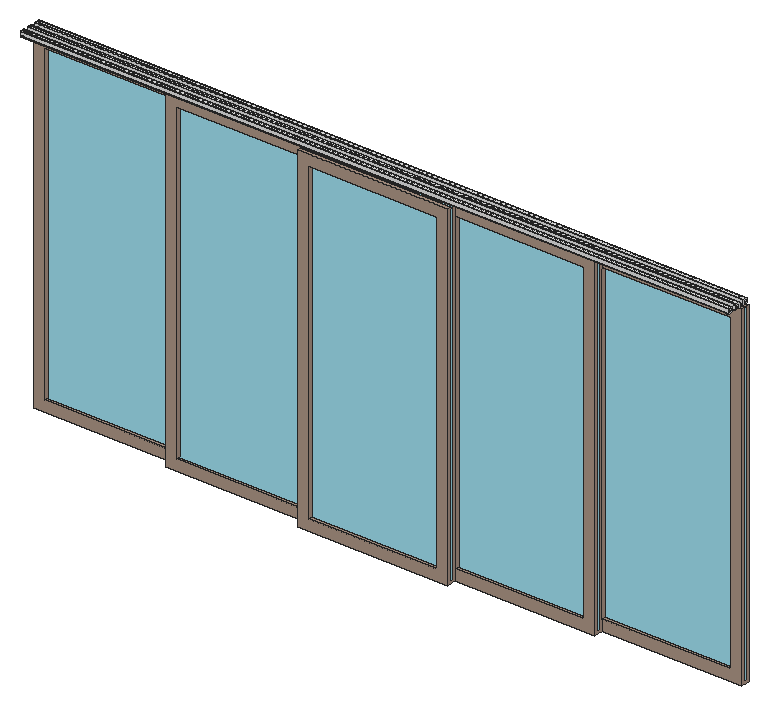
Revit family "Slido 5S Panel Slide SW5S XRDLP", category Doors, host Wall, Revit 2016
Family settings
  Host = Wall
  Always vertical = Yes
  Cut with Voids When Loaded = No
  Shared = No
  Room Calculation Point = No
Parameters (values of type "193"x 94 3/4"")
  URL = "www.raydoor.com"
  Type Image = SW5S.jpg
  Thickness = 2 1/4"  # constant formula
  Rough Width = 1"  # constant formula
  Rough Height = 0"  # constant formula
  Model = "SW5S"
  Function = Interior
  Door Material = Door - Panel
  Panel Material = Glass, Cast, Gray
  Height = 94 3/4"
  Trim Projection Ext = 63/64"  # constant formula
  Typ = 3"  # constant formula
  Wall Closure = By host
  Width = 193"
  Assembly Code = "SW5S XRDLP"
Reference planes (in)
  plane 1: y = 0
  plane 2: z = 0
  plane 3: x = -1.5
  plane 4: x = -98
  plane 5: x = 95
  plane 6: z = 94.75
  plane 7: x = 55.5
  plane 8: x = 93.5
  plane 9: z = 92.75
  plane 10: x = 17.5
  plane 11: x = -22
  plane 12: x = -20.5
  plane 13: x = -19
  plane 14: x = -96.5
  plane 15: x = -95
  plane 16: x = 16
  plane 17: x = 17.5
  plane 18: x = 19
  plane 19: x = 92
  plane 20: x = 93.5
  plane 21: x = -60
  plane 22: x = -58.5
  plane 23: x = -57
  plane 24: x = 54
  plane 25: x = 55.5
  plane 26: x = 57
Forms (in)
  Extrusion 1, solid, material "Door - Panel" <- "Door Material"
    sketch origin (-95, -7.75, 0.25) x (1, 0, 0) y (0, 0, 1)
      loop
        line (111, 92.5) -> (111, 0.5) -> (152, 0.5) -> (152, 92.5) -> (111, 92.5)
      loop
        line (114, 89.5) -> (114, 3.5) -> (149, 3.5) -> (149, 89.5) -> (114, 89.5)
    from -8.875 to -6.625
  Extrusion 2, solid, material "Glass, Cast, Gray" <- "Panel Material"
    sketch origin (-58, -13.51431, 0.25) x (1, 0, 0) y (0, 0, 1)
      loop
        line (74, 92.5) -> (74, 1.375) -> (115, 1.375) -> (115, 92.5) -> (74, 92.5)
    from -13.62452 to -13.37616
  Extrusion 3, solid, material "Door - Panel" <- "Door Material"
    sketch origin (-133.5, -5.62336, 0.25) x (1, 0, 0) y (0, 0, 1)
      loop
        line (111.5, 92.5) -> (111.5, 0.5) -> (152.5, 0.5) -> (152.5, 92.5) -> (111.5, 92.5)
      loop
        line (114.5, 89.5) -> (114.5, 3.5) -> (149.5, 3.5) -> (149.5, 89.5) -> (114.5, 89.5)
    from -4.23602 to -1.98602
  Extrusion 4, solid, material "Glass, Cast, Gray" <- "Panel Material"
    sketch origin (-97, -16.00826, 0.25) x (1, 0, 0) y (0, 0, 1)
      loop
        line (75, 92.5) -> (75, 1.375) -> (116, 1.375) -> (116, 92.5) -> (75, 92.5)
    from -13.61928 to -13.37092
  Extrusion 5, solid, material "Door - Panel" <- "Door Material"
    sketch origin (-57, -1.59375, 0.25) x (1, 0, 0) y (0, 0, 1)
      loop
        line (111, 92.5) -> (111, 0.5) -> (152, 0.5) -> (152, 92.5) -> (111, 92.5)
      loop
        line (114, 89.5) -> (114, 3.5) -> (149, 3.5) -> (149, 89.5) -> (114, 89.5)
    from -5.23602 to -2.98602
  Extrusion 6, solid, material "Glass, Cast, Gray" <- "Panel Material"
    sketch origin (-20, -11.04925, 0.25) x (1, 0, 0) y (0, 0, 1)
      loop
        line (74, 92.5) -> (74, 1.375) -> (115, 1.375) -> (115, 92.5) -> (74, 92.5)
    from -13.69152 to -13.44316
  Extrusion 7, solid, material "UHMW, White"
    sketch origin (0, 41.42102, -8.8393) x (0, 1, 0) y (0, 0, 1)
      loop
        line (-40.90927, 103.5893) -> (-41.93277, 103.5893) -> (-41.93277, 103.50788)
        arc (-41.93277, 103.50788) -> (-41.93277, 103.43259) -> (-41.99798, 103.47023) r 0.04347
        line (-41.99798, 103.47023) -> (-42.03755, 103.47023) -> (-42.03755, 102.31546)
        arc (-42.03755, 102.31546) -> (-42.02627, 102.28823) -> (-41.99904, 102.27695) r 0.03851
        arc (-41.99904, 102.27695) -> (-41.95713, 102.29782) -> (-41.91529, 102.2768) r 0.05233
        line (-41.91529, 102.2768) -> (-41.7174, 102.2768) -> (-41.7174, 102.35673) -> (-41.93475, 102.37574) -> (-41.96636, 102.49373) -> (-41.96636, 103.35416) -> (-41.832, 103.36591) -> (-41.832, 103.49555) -> (-41.65813, 103.49555) -> (-41.65813, 103.39872) -> (-41.59885, 103.39872) -> (-41.59885, 103.49555) -> (-41.24319, 103.49555) -> (-41.24319, 103.39872) -> (-41.18392, 103.39872) -> (-41.18392, 103.49555) -> (-41.01004, 103.49555) -> (-41.01004, 103.36591) -> (-40.87568, 103.35416) -> (-40.87568, 102.49373) -> (-40.90729, 102.37574) -> (-41.12464, 102.35673) -> (-41.12464, 102.27673) -> (-40.92672, 102.27673)
        arc (-40.92672, 102.27673) -> (-40.88484, 102.29771) -> (-40.84295, 102.27673) r 0.0523
        arc (-40.84295, 102.27673) -> (-40.8158, 102.28798) -> (-40.80455, 102.31514) r 0.0384
        line (-40.80455, 102.31514) -> (-40.80455, 103.47023) -> (-40.84407, 103.47023)
        arc (-40.84407, 103.47023) -> (-40.90927, 103.43259) -> (-40.90927, 103.50788) r 0.04347
        line (-40.90927, 103.50788) -> (-40.90927, 103.5893)
    from -98 to 95
  Extrusion 8, solid, material "UHMW, White"
    sketch origin (-41.44048, 0.40931, 94.375) x (0, -1, 0) y (1, 0, 0)
      loop
        circle (0.40931, 96.94048) r 0.125
    from -1.625 to 0.375
  Extrusion 9, solid, material "UHMW, White"
    sketch origin (-79.44047, 3.13354, 94.375) x (0, -1, 0) y (1, 0, 0)
      loop
        circle (0.59681, 172.94047) r 0.125
    from -1.625 to 0.375
  Extrusion 10, solid, material "UHMW, White"
    sketch origin (-41.44048, -2.33987, 94.375) x (0, -1, 0) y (1, 0, 0)
      loop
        circle (0.15931, 58.94048) r 0.125
    from -1.625 to 0.375
  Extrusion 11, void
    sketch origin (-97, -16.00826, -91) x (1, 0, 0) y (0, 0, 1)
      loop
        line (75, 92.625) -> (75, 91.75) -> (116, 91.75) -> (116, 92.625) -> (75, 92.625)
    from -13.61928 to -13.37092
  Extrusion 12, void
    sketch origin (-97, -13.48248, -91) x (1, 0, 0) y (0, 0, 1)
      loop
        line (113, 92.625) -> (113, 91.75) -> (154, 91.75) -> (154, 92.625) -> (113, 92.625)
    from -13.59269 to -13.34433
  Extrusion 13, void
    sketch origin (-97, -11.10201, -91) x (1, 0, 0) y (0, 0, 1)
      loop
        line (151, 92.625) -> (151, 91.75) -> (192, 91.75) -> (192, 92.625) -> (151, 92.625)
    from -13.74428 to -13.49592
  Extrusion 14, solid, material "UHMW, White"
    sketch origin (0, 43.95775, -8.8393) x (0, 1, 0) y (0, 0, 1)
      loop
        line (-40.90927, 103.5893) -> (-41.93277, 103.5893) -> (-41.93277, 103.50788)
        arc (-41.93277, 103.50788) -> (-41.93277, 103.43259) -> (-41.99798, 103.47023) r 0.04347
        line (-41.99798, 103.47023) -> (-42.03755, 103.47023) -> (-42.03755, 102.31546)
        arc (-42.03755, 102.31546) -> (-42.02627, 102.28823) -> (-41.99904, 102.27695) r 0.03851
        arc (-41.99904, 102.27695) -> (-41.95713, 102.29782) -> (-41.91529, 102.2768) r 0.05233
        line (-41.91529, 102.2768) -> (-41.7174, 102.2768) -> (-41.7174, 102.35673) -> (-41.93475, 102.37574) -> (-41.96636, 102.49373) -> (-41.96636, 103.35416) -> (-41.832, 103.36591) -> (-41.832, 103.49555) -> (-41.65813, 103.49555) -> (-41.65813, 103.39872) -> (-41.59885, 103.39872) -> (-41.59885, 103.49555) -> (-41.24319, 103.49555) -> (-41.24319, 103.39872) -> (-41.18392, 103.39872) -> (-41.18392, 103.49555) -> (-41.01004, 103.49555) -> (-41.01004, 103.36591) -> (-40.87568, 103.35416) -> (-40.87568, 102.49373) -> (-40.90729, 102.37574) -> (-41.12464, 102.35673) -> (-41.12464, 102.27673) -> (-40.92672, 102.27673)
        arc (-40.92672, 102.27673) -> (-40.88484, 102.29771) -> (-40.84295, 102.27673) r 0.0523
        arc (-40.84295, 102.27673) -> (-40.8158, 102.28798) -> (-40.80455, 102.31514) r 0.0384
        line (-40.80455, 102.31514) -> (-40.80455, 103.47023) -> (-40.84407, 103.47023)
        arc (-40.84407, 103.47023) -> (-40.90927, 103.43259) -> (-40.90927, 103.50788) r 0.04347
        line (-40.90927, 103.50788) -> (-40.90927, 103.5893)
    from -98 to 95
  Extrusion 15, solid, material "UHMW, White"
    sketch origin (-79.44047, 5.65081, 94.375) x (0, -1, 0) y (1, 0, 0)
      loop
        circle (5.65081, 58.94047) r 0.125
    from -1.625 to 0.375
  Extrusion 16, solid, material "UHMW, White"
    sketch origin (0, 38.90868, -8.8393) x (0, 1, 0) y (0, 0, 1)
      loop
        line (-40.89611, 103.5893) -> (-41.91962, 103.5893) -> (-41.91962, 103.50788)
        arc (-41.91962, 103.50788) -> (-41.91962, 103.43259) -> (-41.98482, 103.47023) r 0.04347
        line (-41.98482, 103.47023) -> (-42.02439, 103.47023) -> (-42.02439, 102.31546)
        arc (-42.02439, 102.31546) -> (-42.01311, 102.28823) -> (-41.98588, 102.27695) r 0.03851
        arc (-41.98588, 102.27695) -> (-41.94397, 102.29782) -> (-41.90213, 102.2768) r 0.05233
        line (-41.90213, 102.2768) -> (-41.70425, 102.2768) -> (-41.70425, 102.35673) -> (-41.92159, 102.37574) -> (-41.95321, 102.49373) -> (-41.95321, 103.35416) -> (-41.81885, 103.36591) -> (-41.81885, 103.49555) -> (-41.64497, 103.49555) -> (-41.64497, 103.39872) -> (-41.58569, 103.39872) -> (-41.58569, 103.49555) -> (-41.23004, 103.49555) -> (-41.23004, 103.39872) -> (-41.17076, 103.39872) -> (-41.17076, 103.49555) -> (-40.99688, 103.49555) -> (-40.99688, 103.36591) -> (-40.86252, 103.35416) -> (-40.86252, 102.49373) -> (-40.89414, 102.37574) -> (-41.11148, 102.35673) -> (-41.11148, 102.27673) -> (-40.91357, 102.27673)
        arc (-40.91357, 102.27673) -> (-40.87168, 102.29771) -> (-40.82979, 102.27673) r 0.0523
        arc (-40.82979, 102.27673) -> (-40.80264, 102.28798) -> (-40.79139, 102.31514) r 0.0384
        line (-40.79139, 102.31514) -> (-40.79139, 103.47023) -> (-40.83091, 103.47023)
        arc (-40.83091, 103.47023) -> (-40.89611, 103.43259) -> (-40.89611, 103.50788) r 0.04347
        line (-40.89611, 103.50788) -> (-40.89611, 103.5893)
    from -98 to 95
  Extrusion 17, solid, material "UHMW, White", not visible
    sketch origin (0, 46.47502, -8.8393) x (0, 1, 0) y (0, 0, 1)
      loop
        line (-40.98352, 103.19868) -> (-41.01171, 103.3393) -> (-41.83033, 103.3393) -> (-41.85852, 103.19868)
        arc (-41.85852, 103.19868) -> (-41.80383, 103.14399) -> (-41.85852, 103.0893) r 0.05469
        line (-41.85852, 103.0893) -> (-41.98352, 103.0893)
        arc (-41.98352, 103.0893) -> (-42.00562, 103.08015) -> (-42.01477, 103.05805) r 0.03125
        line (-42.01477, 103.05805) -> (-42.01477, 102.01916)
        arc (-42.01477, 102.01916) -> (-42.00846, 102.00031) -> (-41.99207, 101.98907) r 0.0313
        line (-41.99207, 101.98907) -> (-41.79602, 101.93305) -> (-41.69446, 101.93305)
        arc (-41.69446, 101.93305) -> (-41.67628, 101.9417) -> (-41.67151, 101.96126) r 0.02344
        arc (-41.67151, 101.96126) -> (-41.67368, 101.97686) -> (-41.68523, 101.98757) r 0.02344
        line (-41.68523, 101.98757) -> (-41.93665, 102.0594) -> (-41.93665, 102.13127) -> (-41.95227, 102.19377) -> (-41.95227, 102.99555) -> (-41.80383, 103.006) -> (-41.71195, 103.24555) -> (-41.1301, 103.24555) -> (-41.03821, 103.006) -> (-40.88977, 102.99555) -> (-40.88977, 102.19377) -> (-40.9054, 102.13127) -> (-40.9054, 102.0594) -> (-41.15682, 101.98757)
        arc (-41.15682, 101.98757) -> (-41.16837, 101.97686) -> (-41.17053, 101.96126) r 0.02344
        arc (-41.17053, 101.96126) -> (-41.16576, 101.9417) -> (-41.14758, 101.93305) r 0.02344
        line (-41.14758, 101.93305) -> (-41.04602, 101.93305) -> (-40.84997, 101.98907)
        arc (-40.84997, 101.98907) -> (-40.83358, 102.00031) -> (-40.82727, 102.01916) r 0.0313
        line (-40.82727, 102.01916) -> (-40.82727, 103.05805)
        arc (-40.82727, 103.05805) -> (-40.83642, 103.08015) -> (-40.85852, 103.0893) r 0.03125
        line (-40.85852, 103.0893) -> (-40.98352, 103.0893)
        arc (-40.98352, 103.0893) -> (-41.03821, 103.14399) -> (-40.98352, 103.19868) r 0.05469
    from -96.5 to 96.5
  Extrusion 18, solid, material "UHMW, White"
    sketch origin (76.44047, 3.13354, 94.375) x (0, -1, 0) y (1, 0, 0)
      loop
        circle (0.59681, -134.94047) r 0.125
    from -1.625 to 0.375
  Extrusion 19, solid, material "Door - Panel" <- "Door Material"
    sketch origin (-215.33333, -1.59375, 0.25) x (1, 0, 0) y (0, 0, 1)
      loop
        line (117.33333, 92.5) -> (117.33333, 0.5) -> (158.33333, 0.5) -> (158.33333, 92.5) -> (117.33333, 92.5)
      loop
        line (120.33333, 89.5) -> (120.33333, 3.5) -> (155.33333, 3.5) -> (155.33333, 89.5) -> (120.33333, 89.5)
    from -5.23602 to -2.98602
  Extrusion 20, solid, material "Glass, Cast, Gray" <- "Panel Material"
    sketch origin (-178.33333, -11.04925, 0.25) x (1, 0, 0) y (0, 0, 1)
      loop
        line (80.33333, 92.5) -> (80.33333, 1.375) -> (121.33333, 1.375) -> (121.33333, 92.5) -> (80.33333, 92.5)
    from -13.69152 to -13.44316
  Extrusion 21, void
    sketch origin (-255.33333, -11.10201, -91) x (1, 0, 0) y (0, 0, 1)
      loop
        line (157.33333, 92.625) -> (157.33333, 91.75) -> (198.33333, 91.75) -> (198.33333, 92.625) -> (157.33333, 92.625)
    from -13.74428 to -13.49592
  Extrusion 22, solid, material "Door - Panel" <- "Door Material"
    sketch origin (-191, -7.75, 0.25) x (1, 0, 0) y (0, 0, 1)
      loop
        line (131, 92.5) -> (131, 0.5) -> (172, 0.5) -> (172, 92.5) -> (131, 92.5)
      loop
        line (134, 89.5) -> (134, 3.5) -> (169, 3.5) -> (169, 89.5) -> (134, 89.5)
    from -8.875 to -6.625
  Extrusion 23, solid, material "Glass, Cast, Gray" <- "Panel Material"
    sketch origin (-154, -13.51431, 0.25) x (1, 0, 0) y (0, 0, 1)
      loop
        line (94, 92.5) -> (94, 1.375) -> (135, 1.375) -> (135, 92.5) -> (94, 92.5)
    from -13.62452 to -13.37616
  Extrusion 24, void
    sketch origin (-193, -13.48248, -91) x (1, 0, 0) y (0, 0, 1)
      loop
        line (133, 92.625) -> (133, 91.75) -> (174, 91.75) -> (174, 92.625) -> (133, 92.625)
    from -13.59269 to -13.34433
Cuts and joins
  Extrusion 11 cuts Extrusion 3
  Extrusion 12, Extrusion 24 cuts Extrusion 1
  Extrusion 13, Extrusion 21 cuts Extrusion 5
  Extrusion 21 cuts Extrusion 6
  Extrusion 21 cuts Extrusion 19
  Extrusion 21 cuts Extrusion 20
  Extrusion 24 cuts Extrusion 2
  Extrusion 24 cuts Extrusion 22
  Extrusion 24 cuts Extrusion 23
Lines and regions (in)
  Opening 1
    outline origin (-60, -7.75, 144) x (0, 0, -1) y (1, 0, 0)
      loop
        line (49.25, -38) -> (144, -38) -> (144, 155) -> (49.25, 155) -> (49.25, -38)
  Masking region 1
    outline origin (0, 0, 0) x (1, 0, 0) y (0, 1, 0)
      loop
        line (95, -1.125) -> (95, 1.125) -> (54, 1.125) -> (54, -1.125) -> (95, -1.125)
  Masking region 2
    outline origin (0, -2.5, 0) x (1, 0, 0) y (0, 1, 0)
      loop
        line (95, -1.13734) -> (95, 1.11266) -> (54, 1.11266) -> (54, -1.13734) -> (95, -1.13734)
  Masking region 3
    outline origin (0, 2.70109, 0) x (1, 0, 0) y (0, 1, 0)
      loop
        line (95, -1.30882) -> (95, 0.94118) -> (54, 0.94118) -> (54, -1.30882) -> (95, -1.30882)
  Masking region 4
    outline origin (-152.23579, 4.781, 0) x (1, 0, 0) y (0, 1, 0)
      loop
        line (95.23579, -3.38873) -> (95.23579, -1.13873) -> (54.23579, -1.13873) -> (54.23579, -3.38873) -> (95.23579, -3.38873)
  Masking region 5
    outline origin (-152.23579, 1.781, 0) x (1, 0, 0) y (0, 1, 0)
      loop
        line (95.23579, -2.906) -> (95.23579, -0.656) -> (54.23579, -0.656) -> (54.23579, -2.906) -> (95.23579, -2.906)
  model lines
    curve 1: line (-98, 7.75, 0) -> (95, 7.75, 0)
  symbolic lines, style "Elevation Swing"
    curve 2: line (24.08333, 0, 38.12969) -> (48.91667, 0, 38.12969)
    curve 3: line (48.91667, 0, 32.93892) -> (24.08333, 0, 32.93892)
    curve 4: line (24.08333, 0, 38.12969) -> (31.91939, 0, 39.74096)
    curve 5: line (41.08061, 0, 31.32765) -> (48.91667, 0, 32.93892)
    curve 20: line (-51.91667, 0, 38.12969) -> (-27.08333, 0, 38.12969)
    curve 21: line (-27.08333, 0, 32.93892) -> (-51.91667, 0, 32.93892)
    curve 22: line (-51.91667, 0, 38.12969) -> (-44.08061, 0, 39.74096)
    curve 23: line (-34.91939, 0, 31.32765) -> (-27.08333, 0, 32.93892)
  symbolic lines, style "DoorsHiddenLines"
    curve 6: line (93.5, 1.39227, 0) -> (-96.5, 1.39227, 0)
    curve 7: line (93.5, 3.64227, 0) -> (-96.5, 3.64227, 0)
    curve 8: line (93.5, 1.125, 0) -> (-96.5, 1.125, 0)
    curve 9: line (93.5, -1.125, 0) -> (-96.5, -1.125, 0)
    curve 10: line (93.5, -3.63734, 0) -> (-96.5, -3.63734, 0)
    curve 11: line (93.5, -1.38734, 0) -> (-96.5, -1.38734, 0)
  symbolic lines, style "Plan Swing"
    curve 12: line (46.66667, -16.42864, 0) -> (26.33333, -16.42864, 0)
    curve 13: line (26.33333, -16.42864, 0) -> (28.45465, -14.30732, 0)
    curve 14: line (46.66667, -17.94763, 0) -> (26.33333, -17.94763, 0)
    curve 15: line (44.54535, -20.06895, 0) -> (46.66667, -17.94763, 0)
    curve 16: line (-29.33333, -16.42864, 0) -> (-49.66667, -16.42864, 0)
    curve 17: line (-49.66667, -16.42864, 0) -> (-47.54535, -14.30732, 0)
    curve 18: line (-29.33333, -17.94763, 0) -> (-49.66667, -17.94763, 0)
    curve 19: line (-31.45465, -20.06895, 0) -> (-29.33333, -17.94763, 0)
Dimensions and locks (in)
  equal spacing: plane 4, plane 3, plane 5
  "Width": plane 4 to plane 5
  "Height": plane 6 to level
  "Typ": Extrusion 1 sketch curve to Extrusion 1 sketch curve  (x2)
  locked: Extrusion 2 to Extrusion 2 at 0.24836
  locked: Extrusion 2 to Extrusion 1 at 0.98684
  locked: Extrusion 1 to Extrusion 2 at 1.0148
  Masking region 1 sketch curve to plane 5 = 41"
  "Typ": Extrusion 3 sketch curve to Extrusion 3 sketch curve  (x2)
  locked: Extrusion 4 to Extrusion 4 at 0.24836
  "Thickness": Extrusion 3 to Extrusion 3
  locked: Extrusion 3 to Extrusion 4 at 1.00164
  locked: Extrusion 4 to Extrusion 3 at 1
  "Thickness": Extrusion 1 to Extrusion 1
  "Typ": Extrusion 5 sketch curve to Extrusion 5 sketch curve  (x2)
  locked: Extrusion 6 to Extrusion 6 at 0.24836
  locked: Extrusion 6 to Extrusion 5 at 1.00164
  locked: Extrusion 5 to Extrusion 6 at 1
  "Thickness": Extrusion 5 to Extrusion 5
  locked: plane 7 to Extrusion 8 sketch curve at 0.125
  locked: plane 10 to Extrusion 10 sketch curve at 0.125
  Extrusion 3 to Extrusion 4 sketch curve = 7/8"
  locked: curve 1 to Extrusion 3 sketch curve at 0.75
  locked: cut or joined group of Extrusion 3, Extrusion 11 to Extrusion 2 sketch curve at 0.875
  locked: Extrusion 5 to Extrusion 6 sketch curve at 0.875
  "Typ": plane 11 to plane 13
  equal spacing: plane 11, plane 12, plane 13, locked at 1.5 each
  "Typ": plane 4 to plane 15
  equal spacing: plane 4, plane 14, plane 15, locked at 1.5 each
  equal spacing: plane 14, plane 22, plane 12, plane 17, plane 25, plane 20
  "Typ": plane 16 to plane 18
  equal spacing: plane 16, plane 17, plane 18, locked at 1.5 each
  "Typ": plane 19 to plane 5
  equal spacing: plane 19, plane 20, plane 5, locked at 1.5 each
  equal spacing: cut or joined group of Extrusion 1, Extrusion 12, Extrusion 24, host wall, cut or joined group of Extrusion 1, Extrusion 12, Extrusion 24, locked at 1.125 each
  locked: Extrusion 10 sketch curve to host wall at 2.62418
  locked: host wall to cut or joined group of Extrusion 3, Extrusion 11 at 1.38734
  locked: host wall to Extrusion 9 sketch curve at 2.41172
  "Thickness": Masking region 2 sketch curve to Masking region 2 sketch curve
  locked: curve 9 to Masking region 2 sketch curve at 0.26234
  "Typ": plane 21 to plane 23
  equal spacing: plane 21, plane 22, plane 23, locked at 1.5 each
  "Typ": plane 24 to plane 26
  equal spacing: plane 24, plane 25, plane 26, locked at 1.5 each
  locked: Extrusion 17 sketch curve to Extrusion 17 sketch curve at 0.09375
  locked: Extrusion 8 sketch curve to curve 9 at 1
  locked: plane 11 to Extrusion 15 sketch curve at 1.375
  locked: Extrusion 15 sketch curve to curve 9 at 1
  locked: plane 21 to Extrusion 18 sketch curve at 1.375
  locked: Extrusion 18 sketch curve to curve 6 at 1.01945
  "Typ": Extrusion 19 sketch curve to Extrusion 19 sketch curve  (x2)
  locked: Extrusion 20 to Extrusion 20 at 0.24836
  locked: Extrusion 20 to Extrusion 19 at 1.00164
  locked: Extrusion 19 to Extrusion 20 at 1
  "Thickness": Extrusion 19 to Extrusion 19
  locked: Extrusion 19 to Extrusion 20 sketch curve at 0.875
  "Typ": Extrusion 22 sketch curve to Extrusion 22 sketch curve  (x2)
  locked: Extrusion 23 to Extrusion 23 at 0.24836
  locked: Extrusion 23 to Extrusion 22 at 0.98684
  locked: Extrusion 22 to Extrusion 23 at 1.0148
  "Thickness": Extrusion 22 to Extrusion 22
  locked: cut or joined group of Extrusion 19, Extrusion 21 to cut or joined group of Extrusion 22, Extrusion 24 at 0.26727
  locked: cut or joined group of Extrusion 22, Extrusion 24 to cut or joined group of Extrusion 3, Extrusion 11 at 0.26234
  locked: cut or joined group of Extrusion 3, Extrusion 11 to cut or joined group of Extrusion 1, Extrusion 12, Extrusion 24 at 0.26234
  locked: cut or joined group of Extrusion 1, Extrusion 12, Extrusion 24 to cut or joined group of Extrusion 5, Extrusion 13, Extrusion 21 at 0.26727
  locked: plane 9 to plane 6 at 2
  cut or joined group of Extrusion 3, Extrusion 11 to level = 3/4"
  Extrusion 14 to Extrusion 14 = 1.233"
  Extrusion 7 to Extrusion 7 = 1.233"
  Extrusion 16 to Extrusion 16 = 1.233"
  cut or joined group of Extrusion 19, Extrusion 21 to cut or joined group of Extrusion 19, Extrusion 21 = 2 1/4"
  cut or joined group of Extrusion 22, Extrusion 24 to cut or joined group of Extrusion 22, Extrusion 24 = 2 1/4"
  cut or joined group of Extrusion 3, Extrusion 11 to cut or joined group of Extrusion 3, Extrusion 11 = 2 1/4"
  cut or joined group of Extrusion 19, Extrusion 21 to cut or joined group of Extrusion 3, Extrusion 11 = 7.27961"
  Extrusion 16 to plane 6 = 1 5/16"
  radius of Extrusion 9 sketch curve = 1/8"
  radius of Extrusion 10 sketch curve = 1/8"
  radius of Extrusion 15 sketch curve = 1/8"
  diameter of Extrusion 8 sketch curve = 1/4"
  radius of Extrusion 18 sketch curve = 1/8"
  aligned and locked: Extrusion 1 to Extrusion 2
  aligned and locked: Opening 1 sketch curve to plane 5
  aligned and locked: Opening 1 sketch curve to plane 4
  aligned and locked: Extrusion 3 to Extrusion 4
  aligned and locked: Extrusion 5 to Extrusion 6
  aligned and locked: Extrusion 7 to plane 6
  aligned and locked: plane 4 to Extrusion 7
  aligned and locked: Extrusion 7 to plane 5
  aligned and locked: Extrusion 8 to Extrusion 1
  aligned and locked: Extrusion 9 to Extrusion 5
  aligned and locked: plane 9 to Extrusion 1
  aligned and locked: plane 9 to Extrusion 5
  aligned and locked: Extrusion 11 to Extrusion 4  (x2)
  aligned and locked: Extrusion 4 to Extrusion 11
  aligned and locked: Extrusion 1 to Extrusion 11
  aligned and locked: Extrusion 12 to Extrusion 1
  aligned and locked: Extrusion 13 to Extrusion 5
  aligned and locked: Extrusion 12 to Extrusion 2
  aligned and locked: Extrusion 2 to Extrusion 12
  aligned and locked: Extrusion 13 to Extrusion 6  (x2)
  aligned and locked: Extrusion 6 to Extrusion 13
  aligned and locked: Extrusion 10 to plane 9
  aligned and locked: Extrusion 14 to plane 6
  aligned and locked: Masking region 2 to plane 5
  aligned and locked: Masking region 1 to plane 5
  aligned and locked: Masking region 3 sketch curve to curve 7
  aligned and locked: Masking region 3 to plane 5
  aligned and locked: Masking region 1 to plane 24
  aligned and locked: Masking region 2 to plane 24
  aligned and locked: Extrusion 15 to plane 9
  aligned and locked: plane 9 to cut or joined group of Extrusion 3, Extrusion 11
  aligned and locked: plane 6 to Opening 1 sketch curve
  aligned and locked: Extrusion 9 to plane 6
  aligned and locked: Extrusion 15 to plane 6
  aligned and locked: plane 4 to Extrusion 14
  aligned and locked: plane 4 to Extrusion 16
  aligned and locked: Extrusion 14 to plane 5
  aligned and locked: Extrusion 16 to plane 5
  aligned and locked: Extrusion 8 to plane 6
  aligned and locked: Extrusion 10 to plane 6
  aligned and locked: Extrusion 16 to plane 6
  aligned and locked: Extrusion 5 to Extrusion 13
  aligned and locked: cut or joined group of Extrusion 5, Extrusion 13, Extrusion 21 to plane 5
  aligned and locked: Extrusion 6 to plane 5
  aligned and locked: cut or joined group of Extrusion 5, Extrusion 13, Extrusion 21 to plane 19
  aligned and locked: cut or joined group of Extrusion 5, Extrusion 13, Extrusion 21 to plane 24
  aligned and locked: Extrusion 6 to plane 24
  aligned and locked: Extrusion 13 to Masking region 1
  aligned and locked: plane 26 to Extrusion 2
  aligned and locked: plane 26 to cut or joined group of Extrusion 1, Extrusion 12, Extrusion 24
  aligned and locked: cut or joined group of Extrusion 1, Extrusion 12, Extrusion 24 to plane 24
  aligned and locked: plane 18 to cut or joined group of Extrusion 1, Extrusion 12, Extrusion 24
  aligned and locked: Extrusion 2 to plane 16
  aligned and locked: cut or joined group of Extrusion 1, Extrusion 12, Extrusion 24 to plane 16
  aligned and locked: Extrusion 1 to Extrusion 12  (x2)
  aligned and locked: plane 18 to cut or joined group of Extrusion 3, Extrusion 11
  aligned and locked: Extrusion 3 to Extrusion 11  (x2)
  aligned and locked: cut or joined group of Extrusion 3, Extrusion 11 to plane 16
  aligned and locked: plane 18 to Extrusion 4
  aligned and locked: plane 8 to plane 20
  aligned and locked: plane 7 to plane 25
  aligned and locked: plane 10 to plane 17
  aligned and locked: Extrusion 19 to Extrusion 20
  aligned and locked: Extrusion 21 to Extrusion 19
  aligned and locked: Extrusion 21 to Extrusion 20  (x2)
  aligned and locked: Extrusion 20 to Extrusion 21
  aligned and locked: Extrusion 19 to Extrusion 21
  aligned and locked: plane 26 to cut or joined group of Extrusion 5, Extrusion 13, Extrusion 21
  aligned and locked: host wall to Extrusion 21
  aligned and locked: plane 4 to cut or joined group of Extrusion 20, Extrusion 21
  aligned and locked: plane 23 to cut or joined group of Extrusion 19, Extrusion 21
  aligned and locked: plane 23 to cut or joined group of Extrusion 20, Extrusion 21
  aligned and locked: cut or joined group of Extrusion 19, Extrusion 21 to plane 21
  aligned and locked: plane 4 to cut or joined group of Extrusion 19, Extrusion 21
  aligned and locked: plane 15 to cut or joined group of Extrusion 19, Extrusion 21
  aligned and locked: plane 4 to Masking region 4
  aligned and locked: Masking region 4 to cut or joined group of Extrusion 19, Extrusion 21
  aligned and locked: plane 23 to Masking region 4
  aligned and locked: curve 7 to Masking region 4
  aligned and locked: Extrusion 22 to Extrusion 23
  aligned and locked: Extrusion 24 to Extrusion 22
  aligned and locked: Extrusion 24 to Extrusion 23  (x2)
  aligned and locked: Extrusion 23 to Extrusion 24
  aligned and locked: Extrusion 22 to Extrusion 24  (x2)
  aligned and locked: cut or joined group of Extrusion 22, Extrusion 24 to plane 21
  aligned and locked: cut or joined group of Extrusion 23, Extrusion 24 to plane 21
  aligned and locked: plane 23 to cut or joined group of Extrusion 22, Extrusion 24
  aligned and locked: cut or joined group of Extrusion 22, Extrusion 24 to plane 11
  aligned and locked: plane 13 to cut or joined group of Extrusion 22, Extrusion 24
  aligned and locked: plane 13 to cut or joined group of Extrusion 23, Extrusion 24
  aligned and locked: plane 4 to Masking region 5
  aligned and locked: plane 23 to Masking region 5
  aligned and locked: Masking region 5 to cut or joined group of Extrusion 22, Extrusion 24
  aligned and locked: cut or joined group of Extrusion 22, Extrusion 24 to Masking region 5
  aligned and locked: Extrusion 18 to plane 9
  aligned and locked: Extrusion 18 to plane 6
  aligned and locked: cut or joined group of Extrusion 3, Extrusion 11 to plane 11
  aligned and locked: Extrusion 4 to plane 11
  aligned and locked: plane 13 to cut or joined group of Extrusion 3, Extrusion 11
  aligned and locked: cut or joined group of Extrusion 22, Extrusion 24 to curve 9
  aligned and locked: Masking region 3 to curve 6
  aligned and locked: Masking region 5 sketch curve to curve 8
  aligned and locked: curve 9 to Masking region 5 sketch curve
  aligned and locked: cut or joined group of Extrusion 5, Extrusion 13, Extrusion 21 to curve 6
  aligned and locked: Masking region 3 to plane 24
  aligned and locked: Masking region 1 to curve 8
  aligned and locked: level to plane 2
Automatic sketch dimensions
  Extrusion 17 sketch curve to Extrusion 17 sketch curve = 0.0227"
  Extrusion 17 sketch curve to Extrusion 17 sketch curve = 1/32"  (x4)
  Extrusion 17 sketch curve to Extrusion 17 sketch curve = 1/64"  (x2)
  Extrusion 17 sketch curve to Extrusion 17 sketch curve = 1/8"
  Extrusion 17 sketch curve to Extrusion 17 sketch curve = 0.02819"
  Extrusion 17 sketch curve to Extrusion 17 sketch curve = 7/128"  (x4)
  Extrusion 17 sketch curve to Extrusion 17 sketch curve = 9/64"  (x2)
  Extrusion 17 sketch curve to Extrusion 17 sketch curve = 0.11839"  (x2)
  Extrusion 17 sketch curve to Extrusion 17 sketch curve = 13/128"  (x2)
  Extrusion 17 sketch curve to Extrusion 17 sketch curve = 0"  (x3)
  Extrusion 17 sketch curve to Extrusion 17 sketch curve = 0.00923"  (x2)
  Extrusion 17 sketch curve to Extrusion 17 sketch curve = 0.52841"
  Extrusion 17 sketch curve to Extrusion 17 sketch curve = 0.58185"
  Extrusion 17 sketch curve to Extrusion 17 sketch curve = 0.09189"
  Extrusion 17 sketch curve to Extrusion 17 sketch curve = 0.04683"
  Extrusion 17 sketch curve to Extrusion 17 sketch curve = 0.0086"
  Extrusion 17 sketch curve to Extrusion 17 sketch curve = 3/128"  (x2)
  Extrusion 17 sketch curve to Extrusion 17 sketch curve = 0.00953"  (x2)
  Extrusion 17 sketch curve to Extrusion 17 sketch curve = 0.04024"  (x2)
  Extrusion 17 sketch curve to Extrusion 17 sketch curve = 1/16"  (x4)
  Extrusion 17 sketch curve to Extrusion 17 sketch curve = 0.01044"  (x2)
  Extrusion 17 sketch curve to Extrusion 17 sketch curve = 0.0313"
  Extrusion 17 sketch curve to Extrusion 17 sketch curve = 0.02154"  (x2)
  Extrusion 17 sketch curve to Extrusion 17 sketch curve = 0.05601"  (x2)
  Extrusion 17 sketch curve to Extrusion 17 sketch curve = 0.07187"  (x2)
  Extrusion 17 sketch curve to Extrusion 17 sketch curve = 0.80178"  (x2)
  Extrusion 17 sketch curve to Extrusion 17 sketch curve = 3/64"
  plane 23 to curve 22 = 5.08333"
  level to curve 22 = 38.12969"
  plane 18 to curve 4 = 5.08333"
  level to curve 4 = 38.12969"
  curve 23 to plane 11 = 5.08333"
  curve 20 to curve 23 = 5.19077"
  curve 2 to curve 3 = 5.19077"
  curve 3 to plane 24 = 5.08333"
  plane 18 to curve 4 = 12.91939"
  curve 4 to curve 2 = 1.61127"
  plane 23 to curve 22 = 12.91939"
  curve 22 to curve 20 = 1.61127"
  curve 23 to plane 11 = 12.91939"
  curve 21 to curve 23 = 1.61127"
  curve 5 to plane 24 = 12.91939"
  curve 3 to curve 5 = 1.61127"
  plane 23 to curve 21 = 5.08333"
  curve 20 to plane 11 = 5.08333"
  plane 18 to curve 3 = 5.08333"
  curve 2 to plane 24 = 5.08333"
  Opening 1 sketch curve to level = 0"
  curve 8 to plane 14 = 0"
  curve 6 to plane 14 = 0"
  curve 11 to plane 14 = 0"
  curve 7 to plane 14 = 0"
  curve 9 to plane 14 = 0"
  curve 10 to plane 14 = 0"
  curve 11 to plane 20 = 0"
  curve 10 to plane 20 = 0"
  curve 9 to plane 20 = 0"
  curve 8 to plane 20 = 0"
  curve 7 to plane 20 = 0"
  curve 6 to plane 20 = 0"
  plane 23 to curve 17 = 7.33333"
  curve 18 to plane 11 = 7.33333"
  plane 18 to curve 13 = 7.33333"
  curve 15 to plane 24 = 7.33333"
  host wall to curve 12 = 8.67864"
  host wall to curve 16 = 8.67864"
  curve 15 to curve 12 = 1.51898"
  curve 19 to curve 16 = 1.51898"
  curve 18 to curve 16 = 0"
  curve 16 to curve 17 = 2.12132"  (x2)
  curve 19 to curve 18 = 2.12132"  (x2)
  curve 16 to curve 18 = 0"
  curve 14 to curve 12 = 0"
  curve 12 to curve 13 = 2.12132"  (x2)
  curve 15 to curve 14 = 2.12132"  (x2)
  curve 12 to curve 14 = 0"
  curve 11 to curve 9 = 0.26234"
  curve 10 to curve 11 = 2 1/4"
  Extrusion 2 sketch curve to plane 16 = 0"
  Extrusion 2 sketch curve to plane 26 = 0"
  Extrusion 2 sketch curve to plane 9 = 0"
  curve 1 to level = 0"
  plane 5 to curve 1 = 0"
  plane 4 to curve 1 = 0"
  Masking region 1 sketch curve to plane 5 = 0"
  host wall to Masking region 1 sketch curve = 1 1/8"
  Masking region 1 sketch curve to host wall = 1 1/8"
  Extrusion 4 sketch curve to plane 11 = 0"
  Extrusion 4 sketch curve to plane 18 = 0"
  Extrusion 4 sketch curve to plane 9 = 0"
  Masking region 2 sketch curve to plane 24 = 0"
  Masking region 2 sketch curve to plane 5 = 0"
  Masking region 3 sketch curve to plane 24 = 0"
  Masking region 3 sketch curve to plane 5 = 0"
  Masking region 3 sketch curve to host wall = 1.39227"
  Extrusion 6 sketch curve to plane 24 = 0"
  plane 5 to Extrusion 6 sketch curve = 0"
  Extrusion 6 sketch curve to plane 9 = 0"
  plane 6 to Extrusion 7 sketch curve = 0"
  host wall to Extrusion 7 sketch curve = 0.61653"
  Extrusion 7 sketch curve to Extrusion 7 sketch curve = 0.03851"
  Extrusion 7 sketch curve to Extrusion 7 sketch curve = 0.03957"
  Extrusion 7 sketch curve to Extrusion 7 sketch curve = 0.03161"
  Extrusion 7 sketch curve to Extrusion 7 sketch curve = 0.04182"
  Extrusion 7 sketch curve to Extrusion 7 sketch curve = 0.04347"  (x2)
  Extrusion 7 sketch curve to Extrusion 7 sketch curve = 0.06429"
  Extrusion 7 sketch curve to Extrusion 7 sketch curve = 0.02173"  (x2)
  Extrusion 7 sketch curve to Extrusion 7 sketch curve = 0.04193"
  Extrusion 7 sketch curve to Extrusion 7 sketch curve = 0.10077"  (x2)
  Extrusion 7 sketch curve to Extrusion 7 sketch curve = 0.19789"
  Extrusion 7 sketch curve to Extrusion 7 sketch curve = 0.17388"  (x2)
  Extrusion 7 sketch curve to Extrusion 7 sketch curve = 0.05928"  (x2)
  Extrusion 7 sketch curve to host wall = 0.17783"
  Extrusion 7 sketch curve to host wall = 0.29638"
  Extrusion 7 sketch curve to Extrusion 7 sketch curve = 0.19792"
  Extrusion 7 sketch curve to Extrusion 7 sketch curve = 0.01943"
  Extrusion 7 sketch curve to Extrusion 7 sketch curve = 0.04189"  (x2)
  Extrusion 7 sketch curve to Extrusion 7 sketch curve = 0.01186"
  Extrusion 7 sketch curve to Extrusion 7 sketch curve = 0.0384"
  Extrusion 7 sketch curve to Extrusion 7 sketch curve = 0.08143"  (x2)
  plane 6 to Extrusion 7 sketch curve = 3/32"  (x2)
  Extrusion 7 sketch curve to Extrusion 7 sketch curve = 0"
  Extrusion 7 sketch curve to Extrusion 7 sketch curve = 0.09683"  (x2)
  Extrusion 7 sketch curve to Extrusion 7 sketch curve = 0.12964"  (x2)
  Extrusion 7 sketch curve to Extrusion 7 sketch curve = 0.11608"  (x2)
  Extrusion 7 sketch curve to Extrusion 7 sketch curve = 0.86043"  (x2)
  Extrusion 7 sketch curve to Extrusion 7 sketch curve = 0.11799"  (x2)
  Extrusion 7 sketch curve to Extrusion 7 sketch curve = 0.01902"  (x2)
  Extrusion 7 sketch curve to Extrusion 7 sketch curve = 0.06029"
  Extrusion 7 sketch curve to Extrusion 7 sketch curve = 0.06061"
  Extrusion 7 sketch curve to Extrusion 7 sketch curve = 0.07992"
  Extrusion 7 sketch curve to Extrusion 7 sketch curve = 0.03133"
  Extrusion 9 sketch curve to plane 8 = 0"
  Extrusion 11 sketch curve to plane 11 = 0"
  Extrusion 11 sketch curve to plane 18 = 0"
  level to Extrusion 11 sketch curve = 3/4"
  Extrusion 11 sketch curve to Extrusion 11 sketch curve = 7/8"
  Extrusion 12 sketch curve to plane 16 = 0"
  Extrusion 12 sketch curve to plane 26 = 0"
  level to Extrusion 12 sketch curve = 3/4"
  Extrusion 12 sketch curve to Extrusion 12 sketch curve = 7/8"
  Extrusion 13 sketch curve to plane 24 = 0"
  plane 5 to Extrusion 13 sketch curve = 0"
  level to Extrusion 13 sketch curve = 3/4"
  Extrusion 13 sketch curve to Extrusion 13 sketch curve = 7/8"
  plane 6 to Extrusion 14 sketch curve = 0"
  plane 9 to Extrusion 14 sketch curve = 0.72615"
  Extrusion 14 sketch curve to host wall = 1.9202"
  Extrusion 14 sketch curve to Extrusion 14 sketch curve = 0.03851"
  Extrusion 14 sketch curve to Extrusion 14 sketch curve = 0.03957"
  Extrusion 14 sketch curve to Extrusion 14 sketch curve = 0.03161"
  Extrusion 14 sketch curve to Extrusion 14 sketch curve = 0.04182"
  Extrusion 14 sketch curve to Extrusion 14 sketch curve = 0.04347"  (x2)
  plane 9 to Extrusion 14 sketch curve = 0.78644"  (x2)
  Extrusion 14 sketch curve to Extrusion 14 sketch curve = 0.06429"
  Extrusion 14 sketch curve to Extrusion 14 sketch curve = 0.02173"  (x2)
  Extrusion 14 sketch curve to Extrusion 14 sketch curve = 0.04193"
  Extrusion 14 sketch curve to Extrusion 14 sketch curve = 0.10077"  (x2)
  Extrusion 14 sketch curve to Extrusion 14 sketch curve = 0.19789"
  Extrusion 14 sketch curve to Extrusion 14 sketch curve = 0.17388"  (x2)
  Extrusion 14 sketch curve to Extrusion 14 sketch curve = 0.05928"  (x2)
  Extrusion 14 sketch curve to Extrusion 14 sketch curve = 0.35566"
  Extrusion 14 sketch curve to Extrusion 14 sketch curve = 0.59276"
  Extrusion 14 sketch curve to Extrusion 14 sketch curve = 0.19792"
  Extrusion 14 sketch curve to Extrusion 14 sketch curve = 0.01943"
  Extrusion 14 sketch curve to Extrusion 14 sketch curve = 0.04189"  (x2)
  Extrusion 14 sketch curve to Extrusion 14 sketch curve = 0.01186"
  Extrusion 14 sketch curve to Extrusion 14 sketch curve = 0.0384"
  Extrusion 14 sketch curve to Extrusion 14 sketch curve = 0.09894"
  Extrusion 14 sketch curve to Extrusion 14 sketch curve = 0.09901"
  Extrusion 14 sketch curve to Extrusion 14 sketch curve = 0.03133"
  Extrusion 14 sketch curve to Extrusion 14 sketch curve = 0.08"
  Extrusion 14 sketch curve to Extrusion 14 sketch curve = 0.07992"
  Extrusion 14 sketch curve to Extrusion 14 sketch curve = 0.11799"  (x2)
  plane 6 to Extrusion 14 sketch curve = 0.23515"  (x2)
  Extrusion 14 sketch curve to Extrusion 14 sketch curve = 0.01175"  (x2)
  Extrusion 14 sketch curve to Extrusion 14 sketch curve = 0.03281"  (x2)
  plane 6 to Extrusion 14 sketch curve = 0.11907"  (x2)
  plane 6 to Extrusion 14 sketch curve = 3/32"  (x2)
  Extrusion 14 sketch curve to Extrusion 14 sketch curve = 0"
  plane 4 to Extrusion 20 sketch curve = 0"
  Extrusion 20 sketch curve to plane 23 = 0"
  Extrusion 20 sketch curve to plane 9 = 0"
  plane 4 to Extrusion 21 sketch curve = 0"
  Extrusion 21 sketch curve to plane 23 = 0"
  level to Extrusion 21 sketch curve = 3/4"
  Extrusion 21 sketch curve to Extrusion 21 sketch curve = 7/8"
  Masking region 4 sketch curve to plane 4 = 0"
  Masking region 4 sketch curve to plane 23 = 0"
  Masking region 4 sketch curve to host wall = 1.39227"
  Masking region 4 sketch curve to Masking region 4 sketch curve = 2 1/4"
  Extrusion 23 sketch curve to plane 21 = 0"
  Extrusion 23 sketch curve to plane 13 = 0"
  Extrusion 23 sketch curve to plane 9 = 0"
  level to Extrusion 23 sketch curve = 1 5/8"
  Extrusion 24 sketch curve to plane 21 = 0"
  Extrusion 24 sketch curve to plane 13 = 0"
  level to Extrusion 24 sketch curve = 3/4"
  Extrusion 24 sketch curve to Extrusion 24 sketch curve = 7/8"
  Masking region 5 sketch curve to plane 4 = 0"
  Masking region 5 sketch curve to plane 23 = 0"
  plane 6 to Extrusion 16 sketch curve = 0"
  plane 9 to Extrusion 16 sketch curve = 0.72615"
  host wall to Extrusion 16 sketch curve = 3.11571"
  Extrusion 16 sketch curve to Extrusion 16 sketch curve = 0.03851"
  Extrusion 16 sketch curve to Extrusion 16 sketch curve = 0.03957"
  Extrusion 16 sketch curve to Extrusion 16 sketch curve = 0.03161"
  Extrusion 16 sketch curve to Extrusion 16 sketch curve = 0.04182"
  Extrusion 16 sketch curve to Extrusion 16 sketch curve = 0.04347"  (x2)
  plane 9 to Extrusion 16 sketch curve = 0.78644"  (x2)
  Extrusion 16 sketch curve to Extrusion 16 sketch curve = 0.06429"
  Extrusion 16 sketch curve to Extrusion 16 sketch curve = 0.02173"  (x2)
  Extrusion 16 sketch curve to Extrusion 16 sketch curve = 0.04193"
  Extrusion 16 sketch curve to Extrusion 16 sketch curve = 0.10077"  (x2)
  Extrusion 16 sketch curve to Extrusion 16 sketch curve = 0.19789"
  Extrusion 16 sketch curve to Extrusion 16 sketch curve = 0.17388"  (x2)
  Extrusion 16 sketch curve to Extrusion 16 sketch curve = 0.05928"  (x2)
  Extrusion 16 sketch curve to Extrusion 16 sketch curve = 0.35566"
  Extrusion 16 sketch curve to Extrusion 16 sketch curve = 0.59276"
  Extrusion 16 sketch curve to Extrusion 16 sketch curve = 0.19792"
  Extrusion 16 sketch curve to Extrusion 16 sketch curve = 0.01943"
  Extrusion 16 sketch curve to Extrusion 16 sketch curve = 0.04189"  (x2)
  Extrusion 16 sketch curve to Extrusion 16 sketch curve = 0.01186"
  Extrusion 16 sketch curve to Extrusion 16 sketch curve = 0.0384"
  Extrusion 16 sketch curve to Extrusion 16 sketch curve = 0.09894"
  Extrusion 16 sketch curve to Extrusion 16 sketch curve = 0.09901"
  Extrusion 16 sketch curve to Extrusion 16 sketch curve = 0.03133"
  Extrusion 16 sketch curve to Extrusion 16 sketch curve = 0.08"
  Extrusion 16 sketch curve to Extrusion 16 sketch curve = 0.07992"
  Extrusion 16 sketch curve to Extrusion 16 sketch curve = 0.11799"  (x2)
  plane 6 to Extrusion 16 sketch curve = 0.23515"  (x2)
  Extrusion 16 sketch curve to Extrusion 16 sketch curve = 0.01175"  (x2)
  Extrusion 16 sketch curve to Extrusion 16 sketch curve = 0.03281"  (x2)
  plane 6 to Extrusion 16 sketch curve = 0.11907"  (x2)
  plane 6 to Extrusion 16 sketch curve = 3/32"  (x2)
  Extrusion 16 sketch curve to Extrusion 16 sketch curve = 0"
  Extrusion 1 sketch curve to plane 9 = 0"
  Extrusion 1 sketch curve to plane 16 = 0"
  Extrusion 1 sketch curve to plane 18 = 0"
  Extrusion 1 sketch curve to plane 24 = 0"
  Extrusion 1 sketch curve to plane 26 = 0"
  level to Extrusion 1 sketch curve = 3 3/4"
  Extrusion 3 sketch curve to plane 9 = 0"
  Extrusion 3 sketch curve to plane 11 = 0"
  Extrusion 3 sketch curve to plane 13 = 0"
  Extrusion 3 sketch curve to plane 16 = 0"
  Extrusion 3 sketch curve to plane 18 = 0"
  Extrusion 5 sketch curve to plane 9 = 0"
  Extrusion 5 sketch curve to plane 24 = 0"
  Extrusion 5 sketch curve to plane 26 = 0"
  Extrusion 5 sketch curve to plane 19 = 0"
  plane 5 to Extrusion 5 sketch curve = 0"
  level to Extrusion 5 sketch curve = 3 3/4"
  plane 4 to Extrusion 19 sketch curve = 0"
  Extrusion 19 sketch curve to plane 15 = 0"
  Extrusion 19 sketch curve to plane 21 = 0"
  Extrusion 19 sketch curve to plane 23 = 0"
  Extrusion 19 sketch curve to plane 9 = 0"
  level to Extrusion 19 sketch curve = 3 3/4"
  Extrusion 22 sketch curve to plane 9 = 0"
  Extrusion 22 sketch curve to plane 21 = 0"
  Extrusion 22 sketch curve to plane 23 = 0"
  Extrusion 22 sketch curve to plane 11 = 0"
  Extrusion 22 sketch curve to plane 13 = 0"
  level to Extrusion 22 sketch curve = 3 3/4"
